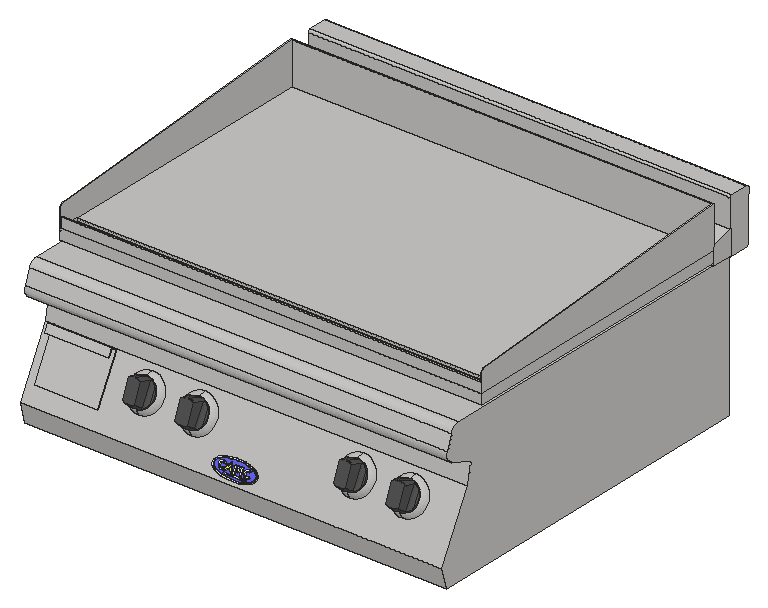
Revit family "QF_CAPIC_AVEN_W542916", category Equipement spécialisé, Revit 2018
Family settings
  Cote de connecteur circulaire = Utiliser le diamètre
  Type d'élément = Normal
  Numéro OmniClass = 23.40.40.14
  Titre OmniClass = Food Service Equipment
  Basée sur le plan de construction = Non
  Toujours verticalement = Oui
  Couper avec des vides une fois chargée = Non
  Partagée = Non
  Point de calcul de pièce = Non
Parameters (values of type "800 x 725 x 270 mm")
  rainures [instance] = if([rainurage 1/2 X050982 (option)], 528 mm, 5 mm)  # 5 mm
  rainurage 1/2 X050982 (option) [instance] = no
  URL catalogue = "http://www.capic-fr.com/fr/"
  Type de Raccord Plomberie [instance] = ""
  Type de Raccord Electrique [instance] = "Bornier interne"
  Type de Gaz = ""
  Type article [instance] = ""
  Tension = 400 V
  Spécification du Fabricant = ""
  Show Logo = yes
  Remarques evacuation [instance] = ""
  Remarques Plomberie [instance] = ""
  Remarques Electricité [instance] = "400Vx3 +T+N"
  Puissance électrique  = 10000 W
  Puissance Gaz kW = 0
  Profondeur hors tout = 725 mm
  Pression Maximum Eau Adoucie = 0.0 Pa
  Poids net à vide = 107.00 kg
  Phase = 0
  Modèle = "W540916"
  Longueur hors tout = 800 mm
  Intensité nominale = 0 A
  Hauteur hors tout = 390 mm
  Hauteur de Raccordement du Sol Finis = 703 mm
  Hauteur de Raccordement Gaz du Sol Finis = 0 mm
  Hauteur de Raccordement Evacuation Directe du Sol Finis = 0 mm
  Hauteur de Raccordement Eau Froide du Sol Finis = 0 mm
  Hauteur de Raccordement Eau Chaude du Sol Finis = 0 mm
  Hauteur de Raccordement Eau Adoucie du Sol Finis = 0 mm
  Fréquence = 50 Hz
  Fabricant = "CAPIC"
  Débit d'air d'extraction = 0.0 m³/h
  Débit Gaz = 0.0 L/s
  Débit Eau Froide = 0.0 L/s
  Débit Eau Chaude = 0.0 L/s
  Débit Eau Adoucie = 0.0 L/s
  Diamètre de Raccordement Gaz = 0 mm
  Diamètre de Raccordement Evacuation = 0 mm
  Diamètre de Raccordement Eau Froide = 0 mm
  Diamètre de Raccordement Eau Chaude = 0 mm
  Diamètre de Raccordement Eau Adoucie = 0 mm
  Description = "Grill inox"
  Assembly Code = ""
  Classification  Omniclass nombre et titre = "23.40.40.14"
Reference planes
  plane 1 "Centre (avant/arrière)": y = 0
  plane 2: z = 0
  plane 3 "Centre (gauche/droite)": x = 0
  plane 4: x = 800
  plane 5: y = -606.53
  plane 6: y = -611.53
Forms (mm)
  Extrusion 1, solid, material "QF_Stainless Steel-Brushed"
    sketch origin (0, -45.05, 638) x (0, 1, 0) y (0, 0, 1)
      loop
        line (1.05, 270.397) -> (-641.347, 270.397)
        arc (-641.347, 270.397) -> (-651.671, 267.142) -> (-658.261, 258.553) r 18
        line (-658.261, 258.553) -> (-667.837, 232.245)
        arc (-667.837, 232.245) -> (-667.236, 218.482) -> (-657.078, 209.174) r 18
        line (-657.078, 209.174) -> (-613.251, 193.222) -> (-619.754, 152.161) -> (-680.074, 38.717) -> (-668.972, 0) -> (0, 0) -> (0, 268.397) -> (42.05, 268.397) -> (44.05, 270.397) -> (44.05, 356.397) -> (45.05, 356.397) -> (45.05, 368.397)
        arc (45.05, 368.397) -> (43.878, 371.225) -> (41.05, 372.397) r 4
        line (41.05, 372.397) -> (7.05, 372.397)
        arc (7.05, 372.397) -> (4.222, 371.225) -> (3.05, 368.397) r 4
        line (3.05, 368.397) -> (3.05, 272.397)
        arc (3.05, 272.397) -> (2.464, 270.983) -> (1.05, 270.397) r 2
    from 0 to 800
  Extrusion 2, solid, material "QF_Stainless Steel-Brushed"
    sketch origin (0, 0, 0) x (0, 1, 0) y (0, 0, 1)
      loop
        line (-664.804, 790.161) -> (-678.048, 797.204) -> (-685.091, 783.959) -> (-684.208, 783.49) -> (-677.635, 795.851) -> (-666.157, 789.748) -> (-710.287, 706.751) -> (-709.404, 706.281) -> (-664.804, 790.161)
    from 15 to 135
  Extrusion 3, solid, material "QF_Stainless Steel-Brushed"
    sketch origin (0, 0, 0) x (0, 1, 0) y (0, 0, 1)
      loop
        line (-82, 933.397) -> (-632, 933.397) -> (-632, 913.397) -> (-82, 913.397) -> (-82, 933.397)
    from 0 to 800
  Extrusion 4, solid, material "QF_Stainless Steel-Brushed"
    sketch origin (0, 0, 0) x (0, 1, 0) y (0, 0, 1)
      loop
        line (-42, 953.397) -> (-79.728, 943.965)
        arc (-79.728, 943.965) -> (-81.365, 942.901) -> (-82, 941.055) r 3
        line (-82, 941.055) -> (-82, 908.397) -> (-42, 908.397) -> (-42, 953.397)
    from 0 to 800
  Extrusion 5, void
    sketch origin (0, 0, 0) x (1, 0, 0) y (0, 1, 0)
      loop
        line (1.5, -592) -> (1.5, -630.5) -> (798.5, -630.5) -> (798.5, -592) -> (1.5, -592)
    from 928.4 to 933.397
  Extrusion 6, solid, material "QF_Stainless Steel-Brushed"
    sketch origin (0, 0, 0) x (1, 0, 0) y (0, 1, 0)
      loop
        line (0, -82) -> (0, -632) -> (1.5, -632) -> (1.5, -83.5) -> (798.5, -83.5) -> (798.5, -632) -> (800, -632) -> (800, -82) -> (0, -82)
    from 933.397 to 1013.4
  Extrusion 7, void
    sketch origin (0, 0, 0) x (0, 1, 0) y (0, 0, 1)
      loop
        line (-83.5, 1013.4) -> (-632, 1013.4) -> (-632, 964.101)
        arc (-632, 964.101) -> (-629.324, 970.91) -> (-622.727, 974.075) r 10
        line (-622.727, 974.075) -> (-83.5, 1013.4)
    from 0 to 800
  Extrusion 8, solid, material "QF_Stainless Steel-Brushed"
    sketch origin (0, 0, 0) x (1, 0, 0) y (0, 1, 0)
      loop
        line (1.5, -630.5) -> (1.5, -632) -> (798.5, -632) -> (798.5, -630.5) -> (1.5, -630.5)
    from 933.397 to 953.4
  Extrusion 9, void
    sketch origin (0, 0, 0) x (1, 0, 0) y (0, 0, 1)
      loop
        circle (12.5, 933.397) r 4
      loop
        circle (25.5, 933.397) r 4
      loop
        circle (38.5, 933.397) r 4
      loop
        circle (51.5, 933.397) r 4
      loop
        circle (64.5, 933.397) r 4
      loop
        circle (77.5, 933.397) r 4
      loop
        circle (90.5, 933.397) r 4
      loop
        circle (103.5, 933.397) r 4
      loop
        circle (116.5, 933.397) r 4
      loop
        circle (129.5, 933.397) r 4
      loop
        circle (142.5, 933.397) r 4
      loop
        circle (155.5, 933.397) r 4
      loop
        circle (168.5, 933.397) r 4
      loop
        circle (181.5, 933.397) r 4
      loop
        circle (194.5, 933.397) r 4
      loop
        circle (207.5, 933.397) r 4
      loop
        circle (220.5, 933.397) r 4
      loop
        circle (233.5, 933.397) r 4
      loop
        circle (246.5, 933.397) r 4
      loop
        circle (259.5, 933.397) r 4
      loop
        circle (272.5, 933.397) r 4
      loop
        circle (285.5, 933.397) r 4
      loop
        circle (298.5, 933.397) r 4
      loop
        circle (311.5, 933.397) r 4
      loop
        circle (324.5, 933.397) r 4
      loop
        circle (337.5, 933.397) r 4
      loop
        circle (350.5, 933.397) r 4
      loop
        circle (363.5, 933.397) r 4
      loop
        circle (376.5, 933.397) r 4
      loop
        circle (389.5, 933.397) r 4
    from 606.53 to 611.53
Cuts and joins
  Extrusion 5, Extrusion 9 cuts Extrusion 3
  Extrusion 7 cuts Extrusion 6
  Extrusion 9 cuts Extrusion 8
  joined: Extrusion 6, Extrusion 8
Dimensions and locks
  "Longueur hors tout": plane 3 "Centre (gauche/droite)" to plane 4
  locked: plane 6 to plane 1 "Centre (avant/arrière)" at 611.53
  "rainures": plane 5 to plane 6
  aligned and locked: level to plane 2
  aligned and locked: plane 4 to Extrusion 1
  aligned and locked: Extrusion 1 to plane 3 "Centre (gauche/droite)"
  aligned and locked: Extrusion 3 to Extrusion 5
  aligned and locked: plane 5 to Extrusion 9
  aligned and locked: plane 6 to Extrusion 9
Automatic sketch dimensions
  Extrusion 1 sketch curve to plane 1 "Centre (avant/arrière)" = 0 mm
  Extrusion 1 sketch curve to Extrusion 1 sketch curve = 1 mm
  Extrusion 1 sketch curve to Extrusion 1 sketch curve = 2 mm  (x3)
  Extrusion 1 sketch curve to Extrusion 1 sketch curve = 4 mm  (x2)
  Extrusion 1 sketch curve to Extrusion 1 sketch curve = 34 mm
  Extrusion 1 sketch curve to Extrusion 1 sketch curve = 39 mm
  plane 1 "Centre (avant/arrière)" to Extrusion 1 sketch curve = 45.05 mm
  Extrusion 1 sketch curve to Extrusion 1 sketch curve = 613.251 mm
  Extrusion 1 sketch curve to Extrusion 1 sketch curve = 6.503 mm
  Extrusion 1 sketch curve to Extrusion 1 sketch curve = 28.096 mm
  Extrusion 1 sketch curve to Extrusion 1 sketch curve = 9.575 mm
  Extrusion 1 sketch curve to Extrusion 1 sketch curve = 6.156 mm  (x2)
  Extrusion 1 sketch curve to Extrusion 1 sketch curve = 16.914 mm  (x3)
  Extrusion 1 sketch curve to Extrusion 1 sketch curve = 49.218 mm
  Extrusion 1 sketch curve to Extrusion 1 sketch curve = 11.102 mm
  level to Extrusion 1 sketch curve = 638 mm
  Extrusion 1 sketch curve to Extrusion 1 sketch curve = 38.717 mm
  Extrusion 1 sketch curve to Extrusion 1 sketch curve = 113.445 mm
  Extrusion 1 sketch curve to Extrusion 1 sketch curve = 41.061 mm
  Extrusion 1 sketch curve to Extrusion 1 sketch curve = 15.952 mm
  Extrusion 1 sketch curve to Extrusion 1 sketch curve = 26.308 mm
  Extrusion 1 sketch curve to Extrusion 1 sketch curve = 86 mm
  Extrusion 1 sketch curve to Extrusion 1 sketch curve = 12 mm
  plane 1 "Centre (avant/arrière)" to Extrusion 2 sketch curve = 710.287 mm
  Extrusion 2 sketch curve to Extrusion 2 sketch curve = 0.883 mm  (x2)
  Extrusion 2 sketch curve to Extrusion 2 sketch curve = 25.196 mm
  Extrusion 2 sketch curve to Extrusion 2 sketch curve = 7.042 mm
  Extrusion 2 sketch curve to Extrusion 2 sketch curve = 0.413 mm
  Extrusion 2 sketch curve to Extrusion 2 sketch curve = 11.478 mm
  level to Extrusion 2 sketch curve = 706.281 mm
  Extrusion 2 sketch curve to Extrusion 2 sketch curve = 0.469 mm
  plane 1 "Centre (avant/arrière)" to Extrusion 3 sketch curve = 632 mm
  plane 1 "Centre (avant/arrière)" to Extrusion 3 sketch curve = 82 mm
  level to Extrusion 3 sketch curve = 913.397 mm
  Extrusion 3 sketch curve to Extrusion 3 sketch curve = 20 mm
  plane 1 "Centre (avant/arrière)" to Extrusion 4 sketch curve = 82 mm
  Extrusion 4 sketch curve to Extrusion 4 sketch curve = 2.272 mm
  Extrusion 4 sketch curve to Extrusion 4 sketch curve = 0.728 mm
  Extrusion 4 sketch curve to Extrusion 4 sketch curve = 40 mm
  level to Extrusion 4 sketch curve = 908.397 mm
  Extrusion 4 sketch curve to Extrusion 4 sketch curve = 32.658 mm
  Extrusion 4 sketch curve to Extrusion 4 sketch curve = 9.432 mm
  plane 3 "Centre (gauche/droite)" to Extrusion 5 sketch curve = 1.5 mm
  Extrusion 5 sketch curve to plane 4 = 1.5 mm
  plane 1 "Centre (avant/arrière)" to Extrusion 5 sketch curve = 630.5 mm
  Extrusion 5 sketch curve to Extrusion 5 sketch curve = 38.5 mm
  Extrusion 6 sketch curve to plane 3 "Centre (gauche/droite)" = 0 mm
  Extrusion 6 sketch curve to plane 4 = 0 mm
  plane 3 "Centre (gauche/droite)" to Extrusion 6 sketch curve = 1.5 mm
  Extrusion 6 sketch curve to plane 4 = 1.5 mm
  plane 1 "Centre (avant/arrière)" to Extrusion 6 sketch curve = 632 mm
  Extrusion 6 sketch curve to Extrusion 6 sketch curve = 0 mm
  plane 1 "Centre (avant/arrière)" to Extrusion 6 sketch curve = 83.5 mm
  Extrusion 6 sketch curve to Extrusion 6 sketch curve = 1.5 mm
  plane 1 "Centre (avant/arrière)" to Extrusion 7 sketch curve = 632 mm
  Extrusion 7 sketch curve to Extrusion 7 sketch curve = 9.273 mm
  Extrusion 7 sketch curve to Extrusion 7 sketch curve = 0.727 mm
  plane 1 "Centre (avant/arrière)" to Extrusion 7 sketch curve = 83.5 mm
  level to Extrusion 7 sketch curve = 964.101 mm
  Extrusion 7 sketch curve to Extrusion 7 sketch curve = 39.325 mm
  plane 3 "Centre (gauche/droite)" to Extrusion 8 sketch curve = 1.5 mm
  Extrusion 8 sketch curve to plane 4 = 1.5 mm
  plane 1 "Centre (avant/arrière)" to Extrusion 8 sketch curve = 632 mm
  Extrusion 8 sketch curve to Extrusion 8 sketch curve = 1.5 mm
  plane 3 "Centre (gauche/droite)" to Extrusion 9 sketch curve = 12.5 mm
  Extrusion 9 sketch curve to Extrusion 9 sketch curve = 13 mm  (x29)
  level to Extrusion 9 sketch curve = 933.397 mm
  Extrusion 9 sketch curve to Extrusion 9 sketch curve = 0 mm  (x29)
  radius of Extrusion 9 sketch curve = 4 mm  (x30)
Nested families
  nested 1: "QF_Details_LogoCapic" at (398.5, -713.73, 698.145) x (1, 0, 0) z (0, -0.8829, 0.4695), visible <- "Show Logo", type "QF_Details_LogoCapic"
  nested 2: "QF_Details_BoutonCde_face" at (310, -685.811, 750.653) x (1, 0, 0) z (0, -0.8829, 0.4695), type "QF_Details_BoutonCde_face"
  nested 3: "QF_Details_BoutonCde_face" at (210, -685.811, 750.653) x (1, 0, 0) z (0, -0.8829, 0.4695), type "QF_Details_BoutonCde_face"
  nested 4: "QF_Details_BoutonCde_face" at (710, -685.811, 750.653) x (1, 0, 0) z (0, -0.8829, 0.4695), type "QF_Details_BoutonCde_face"
  nested 5: "QF_Details_BoutonCde_face" at (610, -685.811, 750.653) x (1, 0, 0) z (0, -0.8829, 0.4695), type "QF_Details_BoutonCde_face"
Definition of nested family "QF_Details_LogoCapic"
  Parameters (values of type "QF_Details_LogoCapic")
    Default Elevation = 1219.2 mm
  Reference planes
    plane 1 "Centre (avant/arrière)": y = 0
    plane 2: z = 0
    plane 3 "Centre (gauche/droite)": x = 0
  Forms (mm)
    Extrusion 1, solid
      sketch origin (0, 0, 0) x (1, 0, 0) y (0, 1, 0)
        loop
          line (-1219.2, 1219.2) -> (-1219.2, -1219.2) -> (1219.2, -1219.2) -> (1219.2, 1219.2) -> (-1219.2, 1219.2)
      from 0 to -304.8
    Extrusion 2, solid
      sketch origin (0, 0, 0) x (1, 0, 0) y (0, 1, 0)
        loop
          spline (42.486, 0) -> (41.038, 4.53) -> (36.793, 8.751) -> (30.041, 12.376) -> (21.24, 15.157) -> (10.992, 16.906) -> (-0.005, 17.502) -> (-11.003, 16.906) -> (-21.251, 15.157) -> (-30.051, 12.376) -> (-36.804, 8.751) -> (-41.048, 4.53) -> (-42.496, 0)
          spline (-42.496, 0) -> (-41.048, -4.53) -> (-36.804, -8.751) -> (-30.051, -12.376) -> (-21.251, -15.157) -> (-11.003, -16.906) -> (-0.005, -17.502) -> (10.992, -16.906) -> (21.24, -15.157) -> (30.041, -12.376) -> (36.793, -8.751) -> (41.038, -4.53) -> (42.486, 0)
        loop
          spline (40.459, 0) -> (39.08, 4.005) -> (35.038, 7.737) -> (28.607, 10.942) -> (20.227, 13.401) -> (10.468, 14.947) -> (-0.005, 15.474) -> (-10.478, 14.947) -> (-20.237, 13.401) -> (-28.618, 10.942) -> (-35.048, 7.737) -> (-39.091, 4.005) -> (-40.47, 0)
          spline (-40.47, 0) -> (-39.091, -4.005) -> (-35.048, -7.737) -> (-28.618, -10.942) -> (-20.237, -13.401) -> (-10.478, -14.947) -> (-0.005, -15.474) -> (10.468, -14.947) -> (20.227, -13.401) -> (28.607, -10.942) -> (35.038, -7.737) -> (39.08, -4.005) -> (40.459, 0)
      from 0 to 1
    Extrusion 3, solid
      sketch origin (0, 0, 0) x (1, 0, 0) y (0, 1, 0)
        loop
          spline (-40.47, 0) -> (-39.085, -4.012) -> (-35.047, -7.734) -> (-28.617, -10.941) -> (-20.237, -13.401) -> (-10.478, -14.946) -> (-0.005, -15.474) -> (10.468, -14.947) -> (20.227, -13.401) -> (28.606, -10.942) -> (35.038, -7.737) -> (39.081, -4.004) -> (40.459, 0)
          spline (40.459, 0) -> (39.075, 4.012) -> (35.037, 7.734) -> (28.607, 10.941) -> (20.227, 13.401) -> (10.467, 14.946) -> (-0.005, 15.474) -> (-10.478, 14.947) -> (-20.237, 13.401) -> (-28.617, 10.942) -> (-35.048, 7.737) -> (-39.091, 4.004) -> (-40.47, 0)
      from 0 to 1
    Extrusion 4, solid
      sketch origin (0, 0, 0.5) x (1, 0, 0) y (0, 1, 0)
        loop
          line (-20.944, 3.897) -> (-18.992, 5.849)
          arc (-18.992, 5.849) -> (-30.967, 0.712) -> (-18.902, -4.211) r 7.063
          line (-18.902, -4.211) -> (-20.854, -2.259)
          arc (-20.854, -2.259) -> (-28.207, 0.712) -> (-20.944, 3.897) r 4.303
      from 0 to 1
    Extrusion 5, solid
      sketch origin (0, 0, 0.5) x (1, 0, 0) y (0, 1, 0)
        loop
          line (-1.061, 7.837) -> (-1.061, -6.288) -> (1.738, -6.288) -> (1.738, -2.065) -> (4.782, -2.065)
          spline (4.782, -2.065) -> (5.836, -1.896) -> (6.819, -1.402) -> (7.663, -0.615) -> (8.311, 0.411) -> (8.718, 1.605) -> (8.856, 2.886) -> (8.718, 4.168) -> (8.311, 5.362) -> (7.663, 6.387) -> (6.819, 7.174) -> (5.836, 7.669) -> (4.782, 7.837)
          line (4.782, 7.837) -> (-1.061, 7.837)
        loop
          line (1.738, 5.077) -> (1.738, 0.775) -> (4.418, 0.775)
          spline (4.418, 0.775) -> (4.819, 0.848) -> (5.193, 1.063) -> (5.514, 1.405) -> (5.761, 1.85) -> (5.916, 2.369) -> (5.969, 2.926) -> (5.916, 3.483) -> (5.761, 4.002) -> (5.514, 4.447) -> (5.193, 4.789) -> (4.819, 5.004) -> (4.418, 5.077)
          line (4.418, 5.077) -> (1.738, 5.077)
      from 0 to 1
    Extrusion 6, solid
      sketch origin (0, 0, 0.5) x (1, 0, 0) y (0, 1, 0)
        loop
          line (11.122, 7.837) -> (11.122, -6.288) -> (14.009, -6.288) -> (14.009, 7.837) -> (11.122, 7.837)
      from 0 to 1
    Extrusion 7, solid
      sketch origin (47.835, 0, 0.5) x (1, 0, 0) y (0, 1, 0)
        loop
          line (-20.944, 3.897) -> (-18.992, 5.849)
          arc (-18.992, 5.849) -> (-30.967, 0.712) -> (-18.902, -4.211) r 7.063
          line (-18.902, -4.211) -> (-20.854, -2.259)
          arc (-20.854, -2.259) -> (-28.207, 0.712) -> (-20.944, 3.897) r 4.303
      from 0 to 1
    Extrusion 8, solid
      sketch origin (0, 0, 0.5) x (1, 0, 0) y (0, 1, 0)
        loop
          line (-14.086, -8.467) -> (-14.086, -10.703) -> (-0.382, -10.703) -> (-0.382, -8.467) -> (-14.086, -8.467)
        loop
          line (1.692, -7.694) -> (1.692, -10.703) -> (10.598, -10.703) -> (10.598, -7.694) -> (1.692, -7.694)
        loop
          circle (14.095, -9.117) r 1.311
        loop
          circle (18.365, -9.117) r 1.311
        loop
          circle (22.635, -9.117) r 1.311
      from 0 to 1
    Extrusion 9, solid
      sketch origin (0, 0, 0.5) x (1, 0, 0) y (0, 1, 0)
        loop
          arc (-10.078, 10.027) -> (-16.152, 0.742) -> (-18.987, -9.985) r 34.734
          arc (-18.987, -9.985) -> (-13.545, -2.96) -> (-7.054, 3.109) r 55.667
          line (-7.054, 3.109) -> (-10.078, 10.027)
        loop
          line (-10.891, 5.813) -> (-12.476, 3.068) -> (-9.306, 3.068) -> (-10.891, 5.813)
      from 0 to 1
    Extrusion 10, solid
      sketch origin (0, 0, 0.5) x (1, 0, 0) y (0, 1, 0)
        loop
          line (-17.978, 3.413) -> (-16.228, 2.092) -> (-14.209, 5.589) -> (-17.978, 3.413)
        loop
          line (-7.246, 5.196) -> (-6.474, 3.433) -> (-3.608, 5.838) -> (-7.246, 5.196)
        loop
          line (-10.905, -1.415) -> (-2.534, -6.652) -> (-6.862, 2.629) -> (-10.905, -1.415)
      from 0 to 1
  Dimensions and locks
    aligned and locked: plane 2 to Extrusion 1
    aligned and locked: level to Extrusion 1
Definition of nested family "QF_Details_BoutonCde_face"
  Parameters (values of type "QF_Details_BoutonCde_face")
    Default Elevation = 1219.2 mm
  Reference planes
    plane 1 "Centre (avant/arrière)": y = 0
    plane 2: z = 0
    plane 3 "Centre (gauche/droite)": x = 0
  Forms (mm)
    Extrusion 1, solid
      sketch origin (0, 0, 0) x (1, 0, 0) y (0, 1, 0)
        loop
          line (-1219.2, 1219.2) -> (-1219.2, -1219.2) -> (1219.2, -1219.2) -> (1219.2, 1219.2) -> (-1219.2, 1219.2)
      from 0 to -304.8
    Revolve 2, solid
      sketch origin (0, -424.122, 22.212) x (0, 0, -1) y (0, 1, 0)
        loop
          arc (5.871, 449.971) -> (-8.423, 448.326) -> (-22.417, 444.983) r 120.076
          line (-22.417, 444.983) -> (-22.417, 424.125) -> (5.871, 424.125) -> (5.871, 449.971)
        axis (5.871, 424.125) -> (-22.417, 424.125)
      angle from 0 to 360
    Extrusion 3, void
      sketch origin (0, -424.122, 22.212) x (1, 0, 0) y (0, 0, -1)
        loop
          line (-20.046, 5.019) -> (-26.533, 5.019) -> (-26.533, -26.12) -> (-11.799, -26.12) -> (-12.009, -22.113) -> (-13.084, -1.588)
          arc (-13.084, -1.588) -> (-15.247, 3.104) -> (-20.046, 5.019) r 6.971
      from 398.385 to 449.971
    Extrusion 4, void
      sketch origin (0, -424.122, 22.212) x (-1, 0, 0) y (0, 0, 1)
        loop
          arc (-20.046, -5.019) -> (-15.247, -3.104) -> (-13.084, 1.588) r 6.971
          line (-13.084, 1.588) -> (-12.009, 22.113) -> (-11.799, 26.12) -> (-26.533, 26.12) -> (-26.533, -5.019) -> (-20.046, -5.019)
      from 398.385 to 449.971
    Extrusion 5, solid
      sketch origin (0, -424.122, 22.212) x (1, 0, 0) y (0, 1, 0)
        loop
          line (-1.769, 450.075) -> (-1.769, 444.575) -> (1.769, 444.575) -> (1.769, 450.075) -> (-1.769, 450.075)
      from -5.871 to 22.417
    Revolve 6, solid
      sketch origin (0, -424.122, 22.212) x (0, 0, -1) y (0, 1, 0)
        loop
          arc (17.212, 458.76) -> (10.984, 455.085) -> (5.871, 449.971) r 28.739
          line (5.871, 449.971) -> (5.871, 424.122) -> (17.212, 424.122) -> (17.212, 458.76)
        axis (17.212, 424.122) -> (5.871, 424.122)
      angle from 0 to 360
    Extrusion 7, void
      sketch origin (0, -597.063, -962.31) x (0, 0.156434, -0.987688) y (0, 0.987688, 0.156434)
        loop
          line (-897.081, 772.866) -> (-914.868, 772.866) -> (-914.868, 714.91) -> (-901.134, 714.91) -> (-897.081, 772.866)
      from -22.625 to 23.018
  Cuts and joins
    Extrusion 3, Extrusion 4, Extrusion 7 cuts Revolve 2
    Extrusion 7 cuts Extrusion 5
    joined: Revolve 2, Extrusion 5
  Dimensions and locks
    aligned and locked: plane 2 to Extrusion 1
    aligned and locked: level to Extrusion 1
